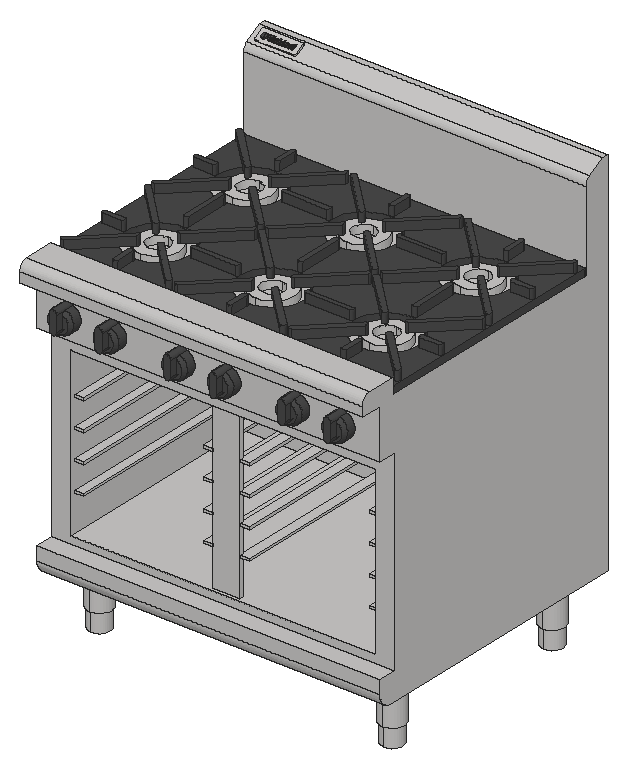
Revit family "QF_MOFFAT WALDORF_RN8600G-CB", category Specialty Equipment, Revit 2012
Parameters
  Weight in Pounds = 396.8316
  URL Cutsheet = "www.moffat.com"
  URL = "www.moffat.com"
  Type Mark [instance] = ""
  Status [instance] = ""
  Specification by User [instance] = ""
  Specification by Manufacturer = ""
  Show Logo [instance] = yes
  Show Casters [instance] = no
  Serial Number = ""
  Seismic Rating = ""
  SMACNA No = ""
  Revision Code [instance] = ""
  Omniclass Number and Title = ""
  NAFEM Spec ID Number = ""
  Model = "RN8600G-CB"
  Mechanical Remarks [instance] = ""
  Mechanical Connection Type [instance] = ""
  Masterspec = ""
  Manufacturer = "MOFFAT WALDORF"
  Legs [instance] = not(Show Casters)  # yes
  Item Number [instance] = ""
  Installed By [instance] = ""
  Identify Quantity as Lot [instance] = yes
  Gas Size = 3/4"
  Gas RI Height [instance] = 0.0 mm
  Gas KW [instance] = 46.6
  Gas Input [instance] = 159233.0 Btu/h
  Gas Connection Height = 0.0 mm
  Furnished By [instance] = ""
  Foodservice Equipment Identifier [instance] = yes
  Description = "COOK TOP GAS ON CABINET BASE"
  CSI MasterFormat = ""
  CSI Master Format = ""
  Body Height [instance] = 915.0 mm
  Base Height [instance] = 150.0 mm
Reference planes
  plane 1 "BACK": y = 0
  plane 2: z = 0
  plane 3 "LEFT": x = 0
  plane 4 "RIGHT": x = 900
  plane 5 "FRONT": y = -805
  plane 6 "TOP": z = 1130
  plane 7 "Center Y": x = 450
  plane 8 "Center X": y = -402.5
  plane 9 "Base Height": z = 150
  plane 10: z = 915
  plane 11: x = 65.8
  plane 12: x = 65
  plane 13: x = 835
Forms (mm)
  Revolve 1, solid, material "QF_Finishes_Black"
    sketch origin (210, 0, 600) x (0, -1, 0) y (0, 0, 1)
      loop
        line (782, 229.605) -> (759, 229.605) -> (759, 202.105) -> (749, 202.105) -> (749, 197.105) -> (793, 197.105) -> (793, 223.757) -> (782, 229.605)
      axis (793, 197.105) -> (749, 197.105)
    angle from 0 to 360
  Extrusion 2, solid, material "QF_Finishes_Black"
    sketch origin (-78.431, 0, 496.003) x (1, 0, 0) y (0, 0, 1)
      loop
        line (298.431, 289) -> (298.431, 327.997)
        arc (298.431, 327.997) -> (288.431, 337.997) -> (278.431, 327.997) r 10
        line (278.431, 327.997) -> (278.431, 289)
        arc (278.431, 289) -> (288.431, 279) -> (298.431, 289) r 10
    from 759 to 808
  Extrusion 3, solid, material "QF_Finishes_Stainless Steel"
    sketch origin (705, 3, 100) x (1, 0, 0) y (0, 1, 0)
      loop
        circle (65, -35) r 13.5
    from 555 to 599.5
  Revolve 4, solid, material "QF_Finishes_Black"
    sketch origin (89.999, 0, 599.873) x (0, 1, 0) y (0, 0, -1)
      loop
        line (-782, -229.5) -> (-759, -229.5) -> (-759, -202) -> (-749, -202) -> (-749, -197) -> (-793, -197) -> (-793, -223.651) -> (-782, -229.5)
      axis (-793, -197) -> (-749, -197)
    angle from 0 to 360
  Extrusion 5, solid, material "QF_Finishes_Black"
    sketch origin (228.269, 0, 600.031) x (-1, 0, 0) y (0, 0, -1)
      loop
        arc (148.269, -184.969) -> (138.269, -174.969) -> (128.269, -184.969) r 10
        line (128.269, -184.969) -> (128.269, -223.969)
        arc (128.269, -223.969) -> (138.269, -233.969) -> (148.269, -223.969) r 10
        line (148.269, -223.969) -> (148.269, -184.969)
    from 759 to 808
  Extrusion 6, solid, material "QF_Finishes_Black"
    sketch origin (0, -70, 875) x (0, -1, 0) y (1, 0, 0)
      loop
        arc (1, 4) -> (1.879, 1.879) -> (4, 1) r 3
        line (4, 1) -> (631, 1)
        arc (631, 1) -> (633.121, 1.879) -> (634, 4) r 3
        line (634, 4) -> (634, 896)
        arc (634, 896) -> (633.121, 898.121) -> (631, 899) r 3
        line (631, 899) -> (4, 899)
        arc (4, 899) -> (1.879, 898.121) -> (1, 896) r 3
        line (1, 896) -> (1, 4)
      loop
        circle (167.5, 150) r 84.082
      loop
        circle (467.5, 150) r 84.082
      loop
        circle (467.5, 750) r 84.082
      loop
        circle (167.5, 750) r 84.082
      loop
        circle (167.5, 450) r 84.082
      loop
        circle (467.5, 450) r 84.082
    from 0 to 19.5
  Extrusion 7, solid, material "QF_Finishes_Black"
    sketch origin (0, -70, 894.5) x (0, -1, 0) y (1, 0, 0)
      loop
        spline (323.602, 15.153) -> (322.681, 13.924) -> (322.131, 12.47) -> (321.99, 10.89) -> (322.267, 9.292) -> (322.943, 7.786) -> (323.973, 6.473) -> (325.286, 5.443) -> (326.792, 4.767) -> (328.39, 4.49) -> (329.97, 4.631) -> (331.424, 5.181) -> (332.653, 6.102)
        line (332.653, 6.102) -> (440.576, 114.025)
        spline (440.576, 114.025) -> (441.337, 115.095) -> (441.738, 116.399) -> (441.751, 117.851) -> (441.375, 119.35) -> (440.637, 120.795) -> (439.586, 122.086) -> (438.295, 123.137) -> (436.85, 123.875) -> (435.351, 124.251) -> (433.899, 124.238) -> (432.595, 123.837) -> (431.525, 123.076)
        line (431.525, 123.076) -> (323.602, 15.153)
      loop
        spline (259.398, 156.4) -> (258.104, 156.182) -> (256.898, 155.543) -> (255.862, 154.525) -> (255.068, 153.2) -> (254.568, 151.656) -> (254.398, 150) -> (254.568, 148.344) -> (255.068, 146.8) -> (255.862, 145.475) -> (256.898, 144.457) -> (258.104, 143.818) -> (259.398, 143.6)
        line (259.398, 143.6) -> (375.602, 143.6)
        spline (375.602, 143.6) -> (376.896, 143.818) -> (378.102, 144.457) -> (379.138, 145.475) -> (379.932, 146.8) -> (380.432, 148.344) -> (380.602, 150) -> (380.432, 151.656) -> (379.932, 153.2) -> (379.138, 154.525) -> (378.102, 155.543) -> (376.896, 156.182) -> (375.602, 156.4)
        line (375.602, 156.4) -> (259.398, 156.4)
      loop
        spline (608.602, 143.6) -> (609.896, 143.818) -> (611.102, 144.457) -> (612.138, 145.475) -> (612.932, 146.8) -> (613.432, 148.344) -> (613.602, 150) -> (613.432, 151.656) -> (612.932, 153.2) -> (612.138, 154.525) -> (611.102, 155.543) -> (609.896, 156.182) -> (608.602, 156.4)
        line (608.602, 156.4) -> (559.398, 156.4)
        spline (559.398, 156.4) -> (558.104, 156.182) -> (556.898, 155.543) -> (555.862, 154.525) -> (555.068, 153.2) -> (554.568, 151.656) -> (554.398, 150) -> (554.568, 148.344) -> (555.068, 146.8) -> (555.862, 145.475) -> (556.898, 144.457) -> (558.104, 143.818) -> (559.398, 143.6)
        line (559.398, 143.6) -> (608.602, 143.6)
      loop
        line (611.398, 15.153) -> (503.475, 123.076)
        spline (503.475, 123.076) -> (502.405, 123.837) -> (501.101, 124.238) -> (499.649, 124.251) -> (498.15, 123.875) -> (496.705, 123.137) -> (495.414, 122.086) -> (494.363, 120.795) -> (493.625, 119.35) -> (493.249, 117.851) -> (493.262, 116.399) -> (493.663, 115.095) -> (494.424, 114.025)
        line (494.424, 114.025) -> (602.347, 6.102)
        spline (602.347, 6.102) -> (603.416, 5.341) -> (604.721, 4.941) -> (606.172, 4.928) -> (607.671, 5.303) -> (609.116, 6.041) -> (610.408, 7.092) -> (611.459, 8.384) -> (612.197, 9.829) -> (612.572, 11.328) -> (612.559, 12.779) -> (612.159, 14.084) -> (611.398, 15.153)
      loop
        line (473.9, 8.898) -> (473.9, 58.102)
        spline (473.9, 58.102) -> (473.682, 59.396) -> (473.043, 60.602) -> (472.025, 61.638) -> (470.7, 62.432) -> (469.156, 62.932) -> (467.5, 63.102) -> (465.844, 62.932) -> (464.3, 62.432) -> (462.975, 61.638) -> (461.957, 60.602) -> (461.318, 59.396) -> (461.1, 58.102)
        line (461.1, 58.102) -> (461.1, 8.898)
        spline (461.1, 8.898) -> (461.318, 7.604) -> (461.957, 6.398) -> (462.975, 5.362) -> (464.3, 4.568) -> (465.844, 4.068) -> (467.5, 3.898) -> (469.156, 4.068) -> (470.7, 4.568) -> (472.025, 5.362) -> (473.043, 6.398) -> (473.682, 7.604) -> (473.9, 8.898)
      loop
        spline (23.602, 15.153) -> (22.681, 13.924) -> (22.131, 12.47) -> (21.99, 10.89) -> (22.267, 9.292) -> (22.943, 7.786) -> (23.973, 6.473) -> (25.286, 5.443) -> (26.792, 4.767) -> (28.39, 4.49) -> (29.97, 4.631) -> (31.424, 5.181) -> (32.653, 6.102)
        line (32.653, 6.102) -> (140.576, 114.025)
        spline (140.576, 114.025) -> (141.337, 115.095) -> (141.738, 116.399) -> (141.751, 117.851) -> (141.375, 119.35) -> (140.637, 120.795) -> (139.586, 122.086) -> (138.295, 123.137) -> (136.85, 123.875) -> (135.351, 124.251) -> (133.899, 124.238) -> (132.595, 123.837) -> (131.525, 123.076)
        line (131.525, 123.076) -> (23.602, 15.153)
      loop
        spline (26.398, 156.4) -> (25.104, 156.182) -> (23.898, 155.543) -> (22.862, 154.525) -> (22.068, 153.2) -> (21.568, 151.656) -> (21.398, 150) -> (21.568, 148.344) -> (22.068, 146.8) -> (22.862, 145.475) -> (23.898, 144.457) -> (25.104, 143.818) -> (26.398, 143.6)
        line (26.398, 143.6) -> (75.602, 143.6)
        spline (75.602, 143.6) -> (76.896, 143.818) -> (78.102, 144.457) -> (79.138, 145.475) -> (79.932, 146.8) -> (80.432, 148.344) -> (80.602, 150) -> (80.432, 151.656) -> (79.932, 153.2) -> (79.138, 154.525) -> (78.102, 155.543) -> (76.896, 156.182) -> (75.602, 156.4)
        line (75.602, 156.4) -> (26.398, 156.4)
      loop
        line (311.398, 15.153) -> (203.475, 123.076)
        spline (203.475, 123.076) -> (202.405, 123.837) -> (201.101, 124.238) -> (199.649, 124.251) -> (198.15, 123.875) -> (196.705, 123.137) -> (195.414, 122.086) -> (194.363, 120.795) -> (193.625, 119.35) -> (193.249, 117.851) -> (193.262, 116.399) -> (193.663, 115.095) -> (194.424, 114.025)
        line (194.424, 114.025) -> (302.347, 6.102)
        spline (302.347, 6.102) -> (303.416, 5.341) -> (304.721, 4.941) -> (306.172, 4.928) -> (307.671, 5.303) -> (309.116, 6.041) -> (310.408, 7.092) -> (311.459, 8.384) -> (312.197, 9.829) -> (312.572, 11.328) -> (312.559, 12.779) -> (312.159, 14.084) -> (311.398, 15.153)
      loop
        line (173.9, 8.898) -> (173.9, 58.102)
        spline (173.9, 58.102) -> (173.682, 59.396) -> (173.043, 60.602) -> (172.025, 61.638) -> (170.7, 62.432) -> (169.156, 62.932) -> (167.5, 63.102) -> (165.844, 62.932) -> (164.3, 62.432) -> (162.975, 61.638) -> (161.957, 60.602) -> (161.318, 59.396) -> (161.1, 58.102)
        line (161.1, 58.102) -> (161.1, 8.898)
        spline (161.1, 8.898) -> (161.318, 7.604) -> (161.957, 6.398) -> (162.975, 5.362) -> (164.3, 4.568) -> (165.844, 4.068) -> (167.5, 3.898) -> (169.156, 4.068) -> (170.7, 4.568) -> (172.025, 5.362) -> (173.043, 6.398) -> (173.682, 7.604) -> (173.9, 8.898)
      loop
        line (323.602, 284.847) -> (431.525, 176.924)
        spline (431.525, 176.924) -> (432.595, 176.163) -> (433.899, 175.762) -> (435.351, 175.749) -> (436.85, 176.125) -> (438.295, 176.863) -> (439.586, 177.914) -> (440.637, 179.205) -> (441.375, 180.65) -> (441.751, 182.149) -> (441.738, 183.601) -> (441.337, 184.905) -> (440.576, 185.975)
        line (440.576, 185.975) -> (332.653, 293.898)
        spline (332.653, 293.898) -> (331.424, 294.819) -> (329.97, 295.369) -> (328.39, 295.51) -> (326.792, 295.233) -> (325.286, 294.557) -> (323.973, 293.527) -> (322.943, 292.214) -> (322.267, 290.708) -> (321.99, 289.11) -> (322.131, 287.53) -> (322.681, 286.076) -> (323.602, 284.847)
      loop
        spline (611.398, 284.847) -> (612.159, 285.916) -> (612.559, 287.221) -> (612.572, 288.672) -> (612.197, 290.171) -> (611.459, 291.616) -> (610.408, 292.908) -> (609.116, 293.959) -> (607.671, 294.697) -> (606.172, 295.072) -> (604.721, 295.059) -> (603.416, 294.659) -> (602.347, 293.898)
        line (602.347, 293.898) -> (494.424, 185.975)
        spline (494.424, 185.975) -> (493.663, 184.905) -> (493.262, 183.601) -> (493.249, 182.149) -> (493.625, 180.65) -> (494.363, 179.205) -> (495.414, 177.914) -> (496.705, 176.863) -> (498.15, 176.125) -> (499.649, 175.749) -> (501.101, 175.762) -> (502.405, 176.163) -> (503.475, 176.924)
        line (503.475, 176.924) -> (611.398, 284.847)
      loop
        spline (461.1, 241.898) -> (461.318, 240.604) -> (461.957, 239.398) -> (462.975, 238.362) -> (464.3, 237.568) -> (465.844, 237.068) -> (467.5, 236.898) -> (469.156, 237.068) -> (470.7, 237.568) -> (472.025, 238.362) -> (473.043, 239.398) -> (473.682, 240.604) -> (473.9, 241.898)
        line (473.9, 241.898) -> (473.9, 358.102)
        spline (473.9, 358.102) -> (473.682, 359.396) -> (473.043, 360.602) -> (472.025, 361.638) -> (470.7, 362.432) -> (469.156, 362.932) -> (467.5, 363.102) -> (465.844, 362.932) -> (464.3, 362.432) -> (462.975, 361.638) -> (461.957, 360.602) -> (461.318, 359.396) -> (461.1, 358.102)
        line (461.1, 358.102) -> (461.1, 241.898)
      loop
        line (23.602, 284.847) -> (131.525, 176.924)
        spline (131.525, 176.924) -> (132.595, 176.163) -> (133.899, 175.762) -> (135.351, 175.749) -> (136.85, 176.125) -> (138.295, 176.863) -> (139.586, 177.914) -> (140.637, 179.205) -> (141.375, 180.65) -> (141.751, 182.149) -> (141.738, 183.601) -> (141.337, 184.905) -> (140.576, 185.975)
        line (140.576, 185.975) -> (32.653, 293.898)
        spline (32.653, 293.898) -> (31.424, 294.819) -> (29.97, 295.369) -> (28.39, 295.51) -> (26.792, 295.233) -> (25.286, 294.557) -> (23.973, 293.527) -> (22.943, 292.214) -> (22.267, 290.708) -> (21.99, 289.11) -> (22.131, 287.53) -> (22.681, 286.076) -> (23.602, 284.847)
      loop
        spline (311.398, 284.847) -> (312.159, 285.916) -> (312.559, 287.221) -> (312.572, 288.672) -> (312.197, 290.171) -> (311.459, 291.616) -> (310.408, 292.908) -> (309.116, 293.959) -> (307.671, 294.697) -> (306.172, 295.072) -> (304.721, 295.059) -> (303.416, 294.659) -> (302.347, 293.898)
        line (302.347, 293.898) -> (194.424, 185.975)
        spline (194.424, 185.975) -> (193.663, 184.905) -> (193.262, 183.601) -> (193.249, 182.149) -> (193.625, 180.65) -> (194.363, 179.205) -> (195.414, 177.914) -> (196.705, 176.863) -> (198.15, 176.125) -> (199.649, 175.749) -> (201.101, 175.762) -> (202.405, 176.163) -> (203.475, 176.924)
        line (203.475, 176.924) -> (311.398, 284.847)
      loop
        spline (173.9, 358.102) -> (173.682, 359.396) -> (173.043, 360.602) -> (172.025, 361.638) -> (170.7, 362.432) -> (169.156, 362.932) -> (167.5, 363.102) -> (165.844, 362.932) -> (164.3, 362.432) -> (162.975, 361.638) -> (161.957, 360.602) -> (161.318, 359.396) -> (161.1, 358.102)
        line (161.1, 358.102) -> (161.1, 241.898)
        spline (161.1, 241.898) -> (161.318, 240.604) -> (161.957, 239.398) -> (162.975, 238.362) -> (164.3, 237.568) -> (165.844, 237.068) -> (167.5, 236.898) -> (169.156, 237.068) -> (170.7, 237.568) -> (172.025, 238.362) -> (173.043, 239.398) -> (173.682, 240.604) -> (173.9, 241.898)
        line (173.9, 241.898) -> (173.9, 358.102)
      loop
        spline (323.602, 315.153) -> (322.681, 313.924) -> (322.131, 312.47) -> (321.99, 310.89) -> (322.267, 309.292) -> (322.943, 307.786) -> (323.973, 306.473) -> (325.286, 305.443) -> (326.792, 304.767) -> (328.39, 304.49) -> (329.97, 304.631) -> (331.424, 305.181) -> (332.653, 306.102)
        line (332.653, 306.102) -> (440.576, 414.025)
        spline (440.576, 414.025) -> (441.337, 415.095) -> (441.738, 416.399) -> (441.751, 417.851) -> (441.375, 419.35) -> (440.637, 420.795) -> (439.586, 422.086) -> (438.295, 423.137) -> (436.85, 423.875) -> (435.351, 424.251) -> (433.899, 424.238) -> (432.595, 423.837) -> (431.525, 423.076)
        line (431.525, 423.076) -> (323.602, 315.153)
      loop
        spline (259.398, 456.4) -> (258.104, 456.182) -> (256.898, 455.543) -> (255.862, 454.525) -> (255.068, 453.2) -> (254.568, 451.656) -> (254.398, 450) -> (254.568, 448.344) -> (255.068, 446.8) -> (255.862, 445.475) -> (256.898, 444.457) -> (258.104, 443.818) -> (259.398, 443.6)
        line (259.398, 443.6) -> (375.602, 443.6)
        spline (375.602, 443.6) -> (376.896, 443.818) -> (378.102, 444.457) -> (379.138, 445.475) -> (379.932, 446.8) -> (380.432, 448.344) -> (380.602, 450) -> (380.432, 451.656) -> (379.932, 453.2) -> (379.138, 454.525) -> (378.102, 455.543) -> (376.896, 456.182) -> (375.602, 456.4)
        line (375.602, 456.4) -> (259.398, 456.4)
      loop
        spline (608.602, 443.6) -> (609.896, 443.818) -> (611.102, 444.457) -> (612.138, 445.475) -> (612.932, 446.8) -> (613.432, 448.344) -> (613.602, 450) -> (613.432, 451.656) -> (612.932, 453.2) -> (612.138, 454.525) -> (611.102, 455.543) -> (609.896, 456.182) -> (608.602, 456.4)
        line (608.602, 456.4) -> (559.398, 456.4)
        spline (559.398, 456.4) -> (558.104, 456.182) -> (556.898, 455.543) -> (555.862, 454.525) -> (555.068, 453.2) -> (554.568, 451.656) -> (554.398, 450) -> (554.568, 448.344) -> (555.068, 446.8) -> (555.862, 445.475) -> (556.898, 444.457) -> (558.104, 443.818) -> (559.398, 443.6)
        line (559.398, 443.6) -> (608.602, 443.6)
      loop
        line (611.398, 315.153) -> (503.475, 423.076)
        spline (503.475, 423.076) -> (502.405, 423.837) -> (501.101, 424.238) -> (499.649, 424.251) -> (498.15, 423.875) -> (496.705, 423.137) -> (495.414, 422.086) -> (494.363, 420.795) -> (493.625, 419.35) -> (493.249, 417.851) -> (493.262, 416.399) -> (493.663, 415.095) -> (494.424, 414.025)
        line (494.424, 414.025) -> (602.347, 306.102)
        spline (602.347, 306.102) -> (603.416, 305.341) -> (604.721, 304.941) -> (606.172, 304.928) -> (607.671, 305.303) -> (609.116, 306.041) -> (610.408, 307.092) -> (611.459, 308.384) -> (612.197, 309.829) -> (612.572, 311.328) -> (612.559, 312.779) -> (612.159, 314.084) -> (611.398, 315.153)
      loop
        spline (23.602, 315.153) -> (22.681, 313.924) -> (22.131, 312.47) -> (21.99, 310.89) -> (22.267, 309.292) -> (22.943, 307.786) -> (23.973, 306.473) -> (25.286, 305.443) -> (26.792, 304.767) -> (28.39, 304.49) -> (29.97, 304.631) -> (31.424, 305.181) -> (32.653, 306.102)
        line (32.653, 306.102) -> (140.576, 414.025)
        spline (140.576, 414.025) -> (141.337, 415.095) -> (141.738, 416.399) -> (141.751, 417.851) -> (141.375, 419.35) -> (140.637, 420.795) -> (139.586, 422.086) -> (138.295, 423.137) -> (136.85, 423.875) -> (135.351, 424.251) -> (133.899, 424.238) -> (132.595, 423.837) -> (131.525, 423.076)
        line (131.525, 423.076) -> (23.602, 315.153)
      loop
        spline (26.398, 456.4) -> (25.104, 456.182) -> (23.898, 455.543) -> (22.862, 454.525) -> (22.068, 453.2) -> (21.568, 451.656) -> (21.398, 450) -> (21.568, 448.344) -> (22.068, 446.8) -> (22.862, 445.475) -> (23.898, 444.457) -> (25.104, 443.818) -> (26.398, 443.6)
        line (26.398, 443.6) -> (75.602, 443.6)
        spline (75.602, 443.6) -> (76.896, 443.818) -> (78.102, 444.457) -> (79.138, 445.475) -> (79.932, 446.8) -> (80.432, 448.344) -> (80.602, 450) -> (80.432, 451.656) -> (79.932, 453.2) -> (79.138, 454.525) -> (78.102, 455.543) -> (76.896, 456.182) -> (75.602, 456.4)
        line (75.602, 456.4) -> (26.398, 456.4)
      loop
        line (311.398, 315.153) -> (203.475, 423.076)
        spline (203.475, 423.076) -> (202.405, 423.837) -> (201.101, 424.238) -> (199.649, 424.251) -> (198.15, 423.875) -> (196.705, 423.137) -> (195.414, 422.086) -> (194.363, 420.795) -> (193.625, 419.35) -> (193.249, 417.851) -> (193.262, 416.399) -> (193.663, 415.095) -> (194.424, 414.025)
        line (194.424, 414.025) -> (302.347, 306.102)
        spline (302.347, 306.102) -> (303.416, 305.341) -> (304.721, 304.941) -> (306.172, 304.928) -> (307.671, 305.303) -> (309.116, 306.041) -> (310.408, 307.092) -> (311.459, 308.384) -> (312.197, 309.829) -> (312.572, 311.328) -> (312.559, 312.779) -> (312.159, 314.084) -> (311.398, 315.153)
      loop
        line (323.602, 584.847) -> (431.525, 476.924)
        spline (431.525, 476.924) -> (432.595, 476.163) -> (433.899, 475.762) -> (435.351, 475.749) -> (436.85, 476.125) -> (438.295, 476.863) -> (439.586, 477.914) -> (440.637, 479.205) -> (441.375, 480.65) -> (441.751, 482.149) -> (441.738, 483.601) -> (441.337, 484.905) -> (440.576, 485.975)
        line (440.576, 485.975) -> (332.653, 593.898)
        spline (332.653, 593.898) -> (331.424, 594.819) -> (329.97, 595.369) -> (328.39, 595.51) -> (326.792, 595.233) -> (325.286, 594.557) -> (323.973, 593.527) -> (322.943, 592.214) -> (322.267, 590.708) -> (321.99, 589.11) -> (322.131, 587.53) -> (322.681, 586.076) -> (323.602, 584.847)
      loop
        spline (611.398, 584.847) -> (612.159, 585.916) -> (612.559, 587.221) -> (612.572, 588.672) -> (612.197, 590.171) -> (611.459, 591.616) -> (610.408, 592.908) -> (609.116, 593.959) -> (607.671, 594.697) -> (606.172, 595.072) -> (604.721, 595.059) -> (603.416, 594.659) -> (602.347, 593.898)
        line (602.347, 593.898) -> (494.424, 485.975)
        spline (494.424, 485.975) -> (493.663, 484.905) -> (493.262, 483.601) -> (493.249, 482.149) -> (493.625, 480.65) -> (494.363, 479.205) -> (495.414, 477.914) -> (496.705, 476.863) -> (498.15, 476.125) -> (499.649, 475.749) -> (501.101, 475.762) -> (502.405, 476.163) -> (503.475, 476.924)
        line (503.475, 476.924) -> (611.398, 584.847)
      loop
        spline (473.9, 658.102) -> (473.682, 659.396) -> (473.043, 660.602) -> (472.025, 661.638) -> (470.7, 662.432) -> (469.156, 662.932) -> (467.5, 663.102) -> (465.844, 662.932) -> (464.3, 662.432) -> (462.975, 661.638) -> (461.957, 660.602) -> (461.318, 659.396) -> (461.1, 658.102)
        line (461.1, 658.102) -> (461.1, 541.898)
        spline (461.1, 541.898) -> (461.318, 540.604) -> (461.957, 539.398) -> (462.975, 538.362) -> (464.3, 537.568) -> (465.844, 537.068) -> (467.5, 536.898) -> (469.156, 537.068) -> (470.7, 537.568) -> (472.025, 538.362) -> (473.043, 539.398) -> (473.682, 540.604) -> (473.9, 541.898)
        line (473.9, 541.898) -> (473.9, 658.102)
      loop
        line (23.602, 584.847) -> (131.525, 476.924)
        spline (131.525, 476.924) -> (132.595, 476.163) -> (133.899, 475.762) -> (135.351, 475.749) -> (136.85, 476.125) -> (138.295, 476.863) -> (139.586, 477.914) -> (140.637, 479.205) -> (141.375, 480.65) -> (141.751, 482.149) -> (141.738, 483.601) -> (141.337, 484.905) -> (140.576, 485.975)
        line (140.576, 485.975) -> (32.653, 593.898)
        spline (32.653, 593.898) -> (31.424, 594.819) -> (29.97, 595.369) -> (28.39, 595.51) -> (26.792, 595.233) -> (25.286, 594.557) -> (23.973, 593.527) -> (22.943, 592.214) -> (22.267, 590.708) -> (21.99, 589.11) -> (22.131, 587.53) -> (22.681, 586.076) -> (23.602, 584.847)
      loop
        spline (311.398, 584.847) -> (312.159, 585.916) -> (312.559, 587.221) -> (312.572, 588.672) -> (312.197, 590.171) -> (311.459, 591.616) -> (310.408, 592.908) -> (309.116, 593.959) -> (307.671, 594.697) -> (306.172, 595.072) -> (304.721, 595.059) -> (303.416, 594.659) -> (302.347, 593.898)
        line (302.347, 593.898) -> (194.424, 485.975)
        spline (194.424, 485.975) -> (193.663, 484.905) -> (193.262, 483.601) -> (193.249, 482.149) -> (193.625, 480.65) -> (194.363, 479.205) -> (195.414, 477.914) -> (196.705, 476.863) -> (198.15, 476.125) -> (199.649, 475.749) -> (201.101, 475.762) -> (202.405, 476.163) -> (203.475, 476.924)
        line (203.475, 476.924) -> (311.398, 584.847)
      loop
        spline (173.9, 658.102) -> (173.682, 659.396) -> (173.043, 660.602) -> (172.025, 661.638) -> (170.7, 662.432) -> (169.156, 662.932) -> (167.5, 663.102) -> (165.844, 662.932) -> (164.3, 662.432) -> (162.975, 661.638) -> (161.957, 660.602) -> (161.318, 659.396) -> (161.1, 658.102)
        line (161.1, 658.102) -> (161.1, 541.898)
        spline (161.1, 541.898) -> (161.318, 540.604) -> (161.957, 539.398) -> (162.975, 538.362) -> (164.3, 537.568) -> (165.844, 537.068) -> (167.5, 536.898) -> (169.156, 537.068) -> (170.7, 537.568) -> (172.025, 538.362) -> (173.043, 539.398) -> (173.682, 540.604) -> (173.9, 541.898)
        line (173.9, 541.898) -> (173.9, 658.102)
      loop
        spline (323.602, 615.153) -> (322.681, 613.924) -> (322.131, 612.47) -> (321.99, 610.89) -> (322.267, 609.292) -> (322.943, 607.786) -> (323.973, 606.473) -> (325.286, 605.443) -> (326.792, 604.767) -> (328.39, 604.49) -> (329.97, 604.631) -> (331.424, 605.181) -> (332.653, 606.102)
        line (332.653, 606.102) -> (440.576, 714.025)
        spline (440.576, 714.025) -> (441.337, 715.095) -> (441.738, 716.399) -> (441.751, 717.851) -> (441.375, 719.35) -> (440.637, 720.795) -> (439.586, 722.086) -> (438.295, 723.137) -> (436.85, 723.875) -> (435.351, 724.251) -> (433.899, 724.238) -> (432.595, 723.837) -> (431.525, 723.076)
        line (431.525, 723.076) -> (323.602, 615.153)
      loop
        spline (259.398, 756.4) -> (258.104, 756.182) -> (256.898, 755.543) -> (255.862, 754.525) -> (255.068, 753.2) -> (254.568, 751.656) -> (254.398, 750) -> (254.568, 748.344) -> (255.068, 746.8) -> (255.862, 745.475) -> (256.898, 744.457) -> (258.104, 743.818) -> (259.398, 743.6)
        line (259.398, 743.6) -> (375.602, 743.6)
        spline (375.602, 743.6) -> (376.896, 743.818) -> (378.102, 744.457) -> (379.138, 745.475) -> (379.932, 746.8) -> (380.432, 748.344) -> (380.602, 750) -> (380.432, 751.656) -> (379.932, 753.2) -> (379.138, 754.525) -> (378.102, 755.543) -> (376.896, 756.182) -> (375.602, 756.4)
        line (375.602, 756.4) -> (259.398, 756.4)
      loop
        spline (608.602, 743.6) -> (609.896, 743.818) -> (611.102, 744.457) -> (612.138, 745.475) -> (612.932, 746.8) -> (613.432, 748.344) -> (613.602, 750) -> (613.432, 751.656) -> (612.932, 753.2) -> (612.138, 754.525) -> (611.102, 755.543) -> (609.896, 756.182) -> (608.602, 756.4)
        line (608.602, 756.4) -> (559.398, 756.4)
        spline (559.398, 756.4) -> (558.104, 756.182) -> (556.898, 755.543) -> (555.862, 754.525) -> (555.068, 753.2) -> (554.568, 751.656) -> (554.398, 750) -> (554.568, 748.344) -> (555.068, 746.8) -> (555.862, 745.475) -> (556.898, 744.457) -> (558.104, 743.818) -> (559.398, 743.6)
        line (559.398, 743.6) -> (608.602, 743.6)
      loop
        line (611.398, 615.153) -> (503.475, 723.076)
        spline (503.475, 723.076) -> (502.405, 723.837) -> (501.101, 724.238) -> (499.649, 724.251) -> (498.15, 723.875) -> (496.705, 723.137) -> (495.414, 722.086) -> (494.363, 720.795) -> (493.625, 719.35) -> (493.249, 717.851) -> (493.262, 716.399) -> (493.663, 715.095) -> (494.424, 714.025)
        line (494.424, 714.025) -> (602.347, 606.102)
        spline (602.347, 606.102) -> (603.416, 605.341) -> (604.721, 604.941) -> (606.172, 604.928) -> (607.671, 605.303) -> (609.116, 606.041) -> (610.408, 607.092) -> (611.459, 608.384) -> (612.197, 609.829) -> (612.572, 611.328) -> (612.559, 612.779) -> (612.159, 614.084) -> (611.398, 615.153)
      loop
        spline (23.602, 615.153) -> (22.681, 613.924) -> (22.131, 612.47) -> (21.99, 610.89) -> (22.267, 609.292) -> (22.943, 607.786) -> (23.973, 606.473) -> (25.286, 605.443) -> (26.792, 604.767) -> (28.39, 604.49) -> (29.97, 604.631) -> (31.424, 605.181) -> (32.653, 606.102)
        line (32.653, 606.102) -> (140.576, 714.025)
        spline (140.576, 714.025) -> (141.337, 715.095) -> (141.738, 716.399) -> (141.751, 717.851) -> (141.375, 719.35) -> (140.637, 720.795) -> (139.586, 722.086) -> (138.295, 723.137) -> (136.85, 723.875) -> (135.351, 724.251) -> (133.899, 724.238) -> (132.595, 723.837) -> (131.525, 723.076)
        line (131.525, 723.076) -> (23.602, 615.153)
      loop
        spline (26.398, 756.4) -> (25.104, 756.182) -> (23.898, 755.543) -> (22.862, 754.525) -> (22.068, 753.2) -> (21.568, 751.656) -> (21.398, 750) -> (21.568, 748.344) -> (22.068, 746.8) -> (22.862, 745.475) -> (23.898, 744.457) -> (25.104, 743.818) -> (26.398, 743.6)
        line (26.398, 743.6) -> (75.602, 743.6)
        spline (75.602, 743.6) -> (76.896, 743.818) -> (78.102, 744.457) -> (79.138, 745.475) -> (79.932, 746.8) -> (80.432, 748.344) -> (80.602, 750) -> (80.432, 751.656) -> (79.932, 753.2) -> (79.138, 754.525) -> (78.102, 755.543) -> (76.896, 756.182) -> (75.602, 756.4)
        line (75.602, 756.4) -> (26.398, 756.4)
      loop
        line (311.398, 615.153) -> (203.475, 723.076)
        spline (203.475, 723.076) -> (202.405, 723.837) -> (201.101, 724.238) -> (199.649, 724.251) -> (198.15, 723.875) -> (196.705, 723.137) -> (195.414, 722.086) -> (194.363, 720.795) -> (193.625, 719.35) -> (193.249, 717.851) -> (193.262, 716.399) -> (193.663, 715.095) -> (194.424, 714.025)
        line (194.424, 714.025) -> (302.347, 606.102)
        spline (302.347, 606.102) -> (303.416, 605.341) -> (304.721, 604.941) -> (306.172, 604.928) -> (307.671, 605.303) -> (309.116, 606.041) -> (310.408, 607.092) -> (311.459, 608.384) -> (312.197, 609.829) -> (312.572, 611.328) -> (312.559, 612.779) -> (312.159, 614.084) -> (311.398, 615.153)
      loop
        line (323.602, 884.847) -> (431.525, 776.924)
        spline (431.525, 776.924) -> (432.595, 776.163) -> (433.899, 775.762) -> (435.351, 775.749) -> (436.85, 776.125) -> (438.295, 776.863) -> (439.586, 777.914) -> (440.637, 779.205) -> (441.375, 780.65) -> (441.751, 782.149) -> (441.738, 783.601) -> (441.337, 784.905) -> (440.576, 785.975)
        line (440.576, 785.975) -> (332.653, 893.898)
        spline (332.653, 893.898) -> (331.424, 894.819) -> (329.97, 895.369) -> (328.39, 895.51) -> (326.792, 895.233) -> (325.286, 894.557) -> (323.973, 893.527) -> (322.943, 892.214) -> (322.267, 890.708) -> (321.99, 889.11) -> (322.131, 887.53) -> (322.681, 886.076) -> (323.602, 884.847)
      loop
        spline (611.398, 884.847) -> (612.159, 885.916) -> (612.559, 887.221) -> (612.572, 888.672) -> (612.197, 890.171) -> (611.459, 891.616) -> (610.408, 892.908) -> (609.116, 893.959) -> (607.671, 894.697) -> (606.172, 895.072) -> (604.721, 895.059) -> (603.416, 894.659) -> (602.347, 893.898)
        line (602.347, 893.898) -> (494.424, 785.975)
        spline (494.424, 785.975) -> (493.663, 784.905) -> (493.262, 783.601) -> (493.249, 782.149) -> (493.625, 780.65) -> (494.363, 779.205) -> (495.414, 777.914) -> (496.705, 776.863) -> (498.15, 776.125) -> (499.649, 775.749) -> (501.101, 775.762) -> (502.405, 776.163) -> (503.475, 776.924)
        line (503.475, 776.924) -> (611.398, 884.847)
      loop
        spline (473.9, 891.102) -> (473.682, 892.396) -> (473.043, 893.602) -> (472.025, 894.638) -> (470.7, 895.432) -> (469.156, 895.932) -> (467.5, 896.102) -> (465.844, 895.932) -> (464.3, 895.432) -> (462.975, 894.638) -> (461.957, 893.602) -> (461.318, 892.396) -> (461.1, 891.102)
        line (461.1, 891.102) -> (461.1, 841.898)
        spline (461.1, 841.898) -> (461.318, 840.604) -> (461.957, 839.398) -> (462.975, 838.362) -> (464.3, 837.568) -> (465.844, 837.068) -> (467.5, 836.898) -> (469.156, 837.068) -> (470.7, 837.568) -> (472.025, 838.362) -> (473.043, 839.398) -> (473.682, 840.604) -> (473.9, 841.898)
        line (473.9, 841.898) -> (473.9, 891.102)
      loop
        line (23.602, 884.847) -> (131.525, 776.924)
        spline (131.525, 776.924) -> (132.595, 776.163) -> (133.899, 775.762) -> (135.351, 775.749) -> (136.85, 776.125) -> (138.295, 776.863) -> (139.586, 777.914) -> (140.637, 779.205) -> (141.375, 780.65) -> (141.751, 782.149) -> (141.738, 783.601) -> (141.337, 784.905) -> (140.576, 785.975)
        line (140.576, 785.975) -> (32.653, 893.898)
        spline (32.653, 893.898) -> (31.424, 894.819) -> (29.97, 895.369) -> (28.39, 895.51) -> (26.792, 895.233) -> (25.286, 894.557) -> (23.973, 893.527) -> (22.943, 892.214) -> (22.267, 890.708) -> (21.99, 889.11) -> (22.131, 887.53) -> (22.681, 886.076) -> (23.602, 884.847)
      loop
        spline (311.398, 884.847) -> (312.159, 885.916) -> (312.559, 887.221) -> (312.572, 888.672) -> (312.197, 890.171) -> (311.459, 891.616) -> (310.408, 892.908) -> (309.116, 893.959) -> (307.671, 894.697) -> (306.172, 895.072) -> (304.721, 895.059) -> (303.416, 894.659) -> (302.347, 893.898)
        line (302.347, 893.898) -> (194.424, 785.975)
        spline (194.424, 785.975) -> (193.663, 784.905) -> (193.262, 783.601) -> (193.249, 782.149) -> (193.625, 780.65) -> (194.363, 779.205) -> (195.414, 777.914) -> (196.705, 776.863) -> (198.15, 776.125) -> (199.649, 775.749) -> (201.101, 775.762) -> (202.405, 776.163) -> (203.475, 776.924)
        line (203.475, 776.924) -> (311.398, 884.847)
      loop
        spline (173.9, 891.102) -> (173.682, 892.396) -> (173.043, 893.602) -> (172.025, 894.638) -> (170.7, 895.432) -> (169.156, 895.932) -> (167.5, 896.102) -> (165.844, 895.932) -> (164.3, 895.432) -> (162.975, 894.638) -> (161.957, 893.602) -> (161.318, 892.396) -> (161.1, 891.102)
        line (161.1, 891.102) -> (161.1, 841.898)
        spline (161.1, 841.898) -> (161.318, 840.604) -> (161.957, 839.398) -> (162.975, 838.362) -> (164.3, 837.568) -> (165.844, 837.068) -> (167.5, 836.898) -> (169.156, 837.068) -> (170.7, 837.568) -> (172.025, 838.362) -> (173.043, 839.398) -> (173.682, 840.604) -> (173.9, 841.898)
        line (173.9, 841.898) -> (173.9, 891.102)
    from 0 to 23.5
  Revolve 8, solid, material "QF_Finishes_Black"
    sketch origin (510, 0, 600) x (0, -1, 0) y (0, 0, 1)
      loop
        line (782, 229.605) -> (759, 229.605) -> (759, 202.105) -> (749, 202.105) -> (749, 197.105) -> (793, 197.105) -> (793, 223.757) -> (782, 229.605)
      axis (793, 197.105) -> (749, 197.105)
    angle from 0 to 360
  Extrusion 9, solid, material "QF_Finishes_Black"
    sketch origin (371.569, 0, 496.003) x (1, 0, 0) y (0, 0, 1)
      loop
        line (148.431, 289) -> (148.431, 327.997)
        arc (148.431, 327.997) -> (138.431, 337.997) -> (128.431, 327.997) r 10
        line (128.431, 327.997) -> (128.431, 289)
        arc (128.431, 289) -> (138.431, 279) -> (148.431, 289) r 10
    from 759 to 808
  Revolve 10, solid, material "QF_Finishes_Black"
    sketch origin (389.999, 0, 599.873) x (0, 1, 0) y (0, 0, -1)
      loop
        line (-782, -229.5) -> (-759, -229.5) -> (-759, -202) -> (-749, -202) -> (-749, -197) -> (-793, -197) -> (-793, -223.651) -> (-782, -229.5)
      axis (-793, -197) -> (-749, -197)
    angle from 0 to 360
  Extrusion 11, solid, material "QF_Finishes_Black"
    sketch origin (378.269, 0, 600.031) x (-1, 0, 0) y (0, 0, -1)
      loop
        arc (-1.731, -184.969) -> (-11.731, -174.969) -> (-21.731, -184.969) r 10
        line (-21.731, -184.969) -> (-21.731, -223.969)
        arc (-21.731, -223.969) -> (-11.731, -233.969) -> (-1.731, -223.969) r 10
        line (-1.731, -223.969) -> (-1.731, -184.969)
    from 759 to 808
  Revolve 12, solid, material "QF_Finishes_Black"
    sketch origin (810, 0, 600) x (0, -1, 0) y (0, 0, 1)
      loop
        line (782, 229.605) -> (759, 229.605) -> (759, 202.105) -> (749, 202.105) -> (749, 197.105) -> (793, 197.105) -> (793, 223.757) -> (782, 229.605)
      axis (793, 197.105) -> (749, 197.105)
    angle from 0 to 360
  Extrusion 13, solid, material "QF_Finishes_Black"
    sketch origin (671.569, 0, 496.003) x (1, 0, 0) y (0, 0, 1)
      loop
        line (148.431, 289) -> (148.431, 327.997)
        arc (148.431, 327.997) -> (138.431, 337.997) -> (128.431, 327.997) r 10
        line (128.431, 327.997) -> (128.431, 289)
        arc (128.431, 289) -> (138.431, 279) -> (148.431, 289) r 10
    from 759 to 808
  Revolve 14, solid, material "QF_Finishes_Black"
    sketch origin (689.999, 0, 599.873) x (0, 1, 0) y (0, 0, -1)
      loop
        line (-782, -229.5) -> (-759, -229.5) -> (-759, -202) -> (-749, -202) -> (-749, -197) -> (-793, -197) -> (-793, -223.651) -> (-782, -229.5)
      axis (-793, -197) -> (-749, -197)
    angle from 0 to 360
  Extrusion 15, solid, material "QF_Finishes_Black"
    sketch origin (678.269, 0, 600.031) x (-1, 0, 0) y (0, 0, -1)
      loop
        arc (-1.731, -184.969) -> (-11.731, -174.969) -> (-21.731, -184.969) r 10
        line (-21.731, -184.969) -> (-21.731, -223.969)
        arc (-21.731, -223.969) -> (-11.731, -233.969) -> (-1.731, -223.969) r 10
        line (-1.731, -223.969) -> (-1.731, -184.969)
    from 759 to 808
  Revolve 16, solid, material "QF_Finishes_Stainless Steel", visible <- "Legs"
    sketch origin (65, -165, 0) x (0, 1, 0) y (0, 0, 1)
      loop
        line (33.25, 150) -> (33.25, 50) -> (37.5, 50) -> (37.5, 0) -> (65, 0) -> (65, 150) -> (33.25, 150)
      axis (65, 150) -> (65, 0)
    angle from 0 to 360
  Revolve 17, solid, material "QF_Finishes_Stainless Steel"
    sketch origin (65, -735, 0) x (0, 1, 0) y (0, 0, 1)
      loop
        line (78.25, 150) -> (78.25, 50) -> (82.5, 50) -> (82.5, 0) -> (110, 0) -> (110, 150) -> (78.25, 150)
      axis (110, 150) -> (110, 0)
    angle from 0 to 360
  Revolve 18, solid, material "QF_Finishes_Stainless Steel", visible <- "Legs"
    sketch origin (835, -165, 0) x (0, 1, 0) y (0, 0, -1)
      loop
        line (33.25, -150) -> (65, -150) -> (65, 0) -> (37.5, 0) -> (37.5, -50) -> (33.25, -50) -> (33.25, -150)
      axis (65, -150) -> (65, 0)
    angle from 0 to 360
  Revolve 19, solid, material "QF_Finishes_Stainless Steel"
    sketch origin (835, -735, 0) x (0, 1, 0) y (0, 0, -1)
      loop
        line (78.25, -150) -> (110, -150) -> (110, 0) -> (82.5, 0) -> (82.5, -50) -> (78.25, -50) -> (78.25, -150)
      axis (110, -150) -> (110, 0)
    angle from 0 to 360
  Extrusion 20, solid, material "QF_Finishes_Stainless Steel"
    sketch origin (0, 0, 0) x (1, 0, 0) y (0, 0, 1)
      loop
        line (0, 735) -> (0, 222.5) -> (900, 222.5) -> (900, 735) -> (0, 735)
      loop
        line (50, 680) -> (50, 242.5) -> (850, 242.5) -> (850, 680) -> (50, 680)
    from 135.698 to 699
  Extrusion 21, solid, material "QF_Finishes_Stainless Steel"
    sketch origin (0, -135.698, 875) x (0, 0, -1) y (1, 0, 0)
      loop
        line (195, 485.5) -> (195, 414.5) -> (632.5, 414.5) -> (632.5, 485.5) -> (195, 485.5)
    from 543.302 to 553.302
  Extrusion 22, solid, material "QF_Finishes_Stainless Steel"
    sketch origin (0, -135.698, 875) x (0, 0, -1) y (1, 0, 0)
      loop
        line (386.25, 414.5) -> (379.9, 414.5) -> (379.9, 389.5) -> (386.25, 389.5) -> (386.25, 414.5)
      loop
        line (461.25, 414.5) -> (454.9, 414.5) -> (454.9, 389.5) -> (461.25, 389.5) -> (461.25, 414.5)
      loop
        line (461.25, 50) -> (461.25, 75) -> (454.9, 75) -> (454.9, 50) -> (461.25, 50)
      loop
        line (379.9, 75) -> (379.9, 50) -> (386.25, 50) -> (386.25, 75) -> (379.9, 75)
      loop
        line (536.25, 414.5) -> (529.9, 414.5) -> (529.9, 389.5) -> (536.25, 389.5) -> (536.25, 414.5)
      loop
        line (536.25, 50) -> (536.25, 75) -> (529.9, 75) -> (529.9, 50) -> (536.25, 50)
      loop
        line (311.25, 414.5) -> (304.9, 414.5) -> (304.9, 389.5) -> (311.25, 389.5) -> (311.25, 414.5)
      loop
        line (304.9, 75) -> (304.9, 50) -> (311.25, 50) -> (311.25, 75) -> (304.9, 75)
      loop
        line (386.25, 485.5) -> (386.25, 510.5) -> (379.9, 510.5) -> (379.9, 485.5) -> (386.25, 485.5)
      loop
        line (461.25, 485.5) -> (461.25, 510.5) -> (454.9, 510.5) -> (454.9, 485.5) -> (461.25, 485.5)
      loop
        line (461.25, 850) -> (454.9, 850) -> (454.9, 825) -> (461.25, 825) -> (461.25, 850)
      loop
        line (379.9, 825) -> (386.25, 825) -> (386.25, 850) -> (379.9, 850) -> (379.9, 825)
      loop
        line (536.25, 485.5) -> (536.25, 510.5) -> (529.9, 510.5) -> (529.9, 485.5) -> (536.25, 485.5)
      loop
        line (536.25, 850) -> (529.9, 850) -> (529.9, 825) -> (536.25, 825) -> (536.25, 850)
      loop
        line (311.25, 485.5) -> (311.25, 510.5) -> (304.9, 510.5) -> (304.9, 485.5) -> (311.25, 485.5)
      loop
        line (304.9, 825) -> (311.25, 825) -> (311.25, 850) -> (304.9, 850) -> (304.9, 825)
    from 0 to 553.302
  Extrusion 23, solid, material "QF_Finishes_Stainless Steel"
    sketch origin (0, 0, 0) x (0, 1, 0) y (0, 0, 1)
      loop
        line (-805, 891) -> (-805, 866) -> (-749, 866) -> (-749, 735) -> (-135.698, 735) -> (-135.698, 222.5) -> (-749, 222.5) -> (-749, 188)
        arc (-749, 188) -> (-737.87, 161.13) -> (-711, 150) r 38
        line (-711, 150) -> (0, 150) -> (0, 1130) -> (-16.5, 1130) -> (-58.709, 1105.631)
        arc (-58.709, 1105.631) -> (-66.975, 1097.365) -> (-70, 1086.074) r 22.582
        line (-70, 1086.074) -> (-70, 875) -> (-705, 875) -> (-705, 915) -> (-781, 915)
        arc (-781, 915) -> (-797.971, 907.971) -> (-805, 891) r 24
    from 0 to 900
  Extrusion 24, void
    sketch origin (0, 0, 150) x (-1, 0, 0) y (0, -1, 0)
      loop
        line (-824.497, 87.26) -> (-824.497, -30.24) -> (-694.997, -30.24) -> (-694.997, 38.76) -> (-743.497, 87.26) -> (-824.497, 87.26)
    from 72.5 to 549.5
  Extrusion 25, solid, material "QF_Finishes_Stainless Steel"
    sketch origin (0, -70, 875) x (0, -1, 0) y (1, 0, 0)
      loop
        circle (167.5, 150) r 57
      loop
        circle (467.5, 150) r 57
      loop
        circle (167.5, 450) r 57
      loop
        circle (467.5, 450) r 57
      loop
        circle (167.5, 750) r 57
      loop
        circle (467.5, 750) r 57
      loop
        circle (167.5, 150) r 30
      loop
        circle (167.5, 450) r 30
      loop
        circle (167.5, 750) r 30
      loop
        circle (467.5, 750) r 30
      loop
        circle (467.5, 450) r 30
      loop
        circle (467.5, 150) r 30
    from 0 to 20
Cuts and joins
  Extrusion 24 cuts Extrusion 23
  joined: Extrusion 20, Extrusion 23
Lines and regions (mm)
  Split face 1
    outline origin (917.5, -16.5, 1130) x (-1, 0, 0) y (0, -0.866025, -0.5)
      loop
        line (770.512, 5.007) -> (770.512, 39.416) -> (750.512, 39.416) -> (750.512, 5.007) -> (770.512, 5.007)
  Split face 2
    outline origin (902.5, -16.5, 1130) x (-1, 0, 0) y (0, -0.866025, -0.5)
      loop
        line (700.512, 5.007) -> (720.512, 5.007) -> (720.512, 39.416) -> (700.512, 39.416) -> (700.512, 5.007)
  Split face 3
    outline origin (870, -16.5, 1130) x (-1, 0, 0) y (0, -0.866025, -0.5)
      loop
        line (638.012, 5.007) -> (658.012, 5.007) -> (658.012, 39.416) -> (638.012, 39.416) -> (638.012, 5.007)
  Split face 4
    outline origin (855, -16.5, 1130) x (-1, 0, 0) y (0, -0.866025, -0.5)
      loop
        line (590.681, 5.007) -> (610.681, 5.007) -> (610.681, 39.416) -> (590.681, 39.416) -> (590.681, 5.007)
  Split face 5
    outline origin (840, -16.5, 1130) x (-1, 0, 0) y (0, -0.866025, -0.5)
      loop
        line (545.681, 5.007) -> (565.681, 5.007) -> (565.681, 39.416) -> (545.681, 39.416) -> (545.681, 5.007)
  Split face 6
    outline origin (825, -16.5, 1130) x (-1, 0, 0) y (0, -0.866025, -0.5)
      loop
        line (495.681, 5.007) -> (515.681, 5.007) -> (515.681, 39.416) -> (495.681, 39.416) -> (495.681, 5.007)
  Split face 7
    outline origin (810, -16.5, 1130) x (-1, 0, 0) y (0, -0.866025, -0.5)
      loop
        line (443.697, 5.007) -> (463.697, 5.007) -> (463.697, 39.416) -> (443.697, 39.416) -> (443.697, 5.007)
  Split face 8
    outline origin (795, -16.5, 1130) x (-1, 0, 0) y (0, -0.866025, -0.5)
      loop
        line (393.697, 5.007) -> (413.697, 5.007) -> (413.697, 39.416) -> (393.697, 39.416) -> (393.697, 5.007)
  Split face 9
    outline origin (780, -16.5, 1130) x (-1, 0, 0) y (0, -0.866025, -0.5)
      loop
        line (343.697, 5.007) -> (363.697, 5.007) -> (363.697, 39.416) -> (343.697, 39.416) -> (343.697, 5.007)
  Split face 10
    outline origin (765, -16.5, 1130) x (-1, 0, 0) y (0, -0.866025, -0.5)
      loop
        line (293.697, 5.007) -> (313.697, 5.007) -> (313.697, 39.416) -> (293.697, 39.416) -> (293.697, 5.007)
  Split face 11
    outline origin (750, -16.5, 1130) x (-1, 0, 0) y (0, -0.866025, -0.5)
      loop
        line (243.697, 5.007) -> (263.697, 5.007) -> (263.697, 39.416) -> (243.697, 39.416) -> (243.697, 5.007)
  Split face 12
    outline origin (735, -16.5, 1130) x (-1, 0, 0) y (0, -0.866025, -0.5)
      loop
        line (193.697, 5.007) -> (213.697, 5.007) -> (213.697, 39.416) -> (193.697, 39.416) -> (193.697, 5.007)
  Split face 13
    outline origin (900, -16.5, 1130) x (-1, 0, 0) y (0, -0.866025, -0.5)
      loop
        line (343.697, 5.007) -> (343.697, 39.416) -> (323.697, 39.416) -> (323.697, 5.007) -> (343.697, 5.007)
  Split face 14
    outline origin (900, -16.5, 1130) x (-1, 0, 0) y (0, -0.866025, -0.5)
      loop
        line (308.697, 5.007) -> (308.697, 39.416) -> (288.697, 39.416) -> (288.697, 5.007) -> (308.697, 5.007)
  Split face 15
    outline origin (900, -16.5, 1130) x (-1, 0, 0) y (0, -0.866025, -0.5)
      loop
        line (273.697, 5.007) -> (273.697, 39.416) -> (253.697, 39.416) -> (253.697, 5.007) -> (273.697, 5.007)
  Split face 16
    outline origin (900, -16.5, 1130) x (-1, 0, 0) y (0, -0.866025, -0.5)
      loop
        line (238.697, 5.007) -> (238.697, 39.416) -> (218.697, 39.416) -> (218.697, 5.007) -> (238.697, 5.007)
  Split face 17
    outline origin (900, -16.5, 1130) x (-1, 0, 0) y (0, -0.866025, -0.5)
      loop
        line (203.697, 5.007) -> (203.697, 39.416) -> (183.697, 39.416) -> (183.697, 5.007) -> (203.697, 5.007)
  symbolic lines
    curve 1: line (900, 0, 0) -> (0, 0, 0)
    curve 2: line (0, 0, 0) -> (0, -805, 0)
    curve 3: line (900, -805, 0) -> (900, 0, 0)
    curve 4: line (0, -805, 0) -> (900, -805, 0)
    curve 5: line (900, -705, 0) -> (0, -705, 0)
    curve 6: line (0, -70, 0) -> (900, -70, 0)
    curve 11: arc (150, -153.418, 0) -> (234.082, -237.5, 0) -> (150, -321.582, 0) r 84.082
    curve 12: arc (150, -321.582, 0) -> (65.918, -237.5, 0) -> (150, -153.418, 0) r 84.082
    curve 13: arc (150, -294.5, 0) -> (207, -237.5, 0) -> (150, -180.5, 0) r 57
    curve 14: arc (150, -180.5, 0) -> (93, -237.5, 0) -> (150, -294.5, 0) r 57
    curve 15: arc (450, -321.582, 0) -> (365.918, -237.5, 0) -> (450, -153.418, 0) r 84.082
    curve 16: arc (450, -153.418, 0) -> (534.082, -237.5, 0) -> (450, -321.582, 0) r 84.082
    curve 17: arc (450, -180.5, 0) -> (393, -237.5, 0) -> (450, -294.5, 0) r 57
    curve 18: arc (450, -294.5, 0) -> (507, -237.5, 0) -> (450, -180.5, 0) r 57
    curve 19: arc (750, -321.582, 0) -> (665.918, -237.5, 0) -> (750, -153.418, 0) r 84.082
    curve 20: arc (750, -153.418, 0) -> (834.082, -237.5, 0) -> (750, -321.582, 0) r 84.082
    curve 21: arc (750, -180.5, 0) -> (693, -237.5, 0) -> (750, -294.5, 0) r 57
    curve 22: arc (750, -294.5, 0) -> (807, -237.5, 0) -> (750, -180.5, 0) r 57
    curve 23: arc (150, -453.418, 0) -> (234.082, -537.5, 0) -> (150, -621.582, 0) r 84.082
    curve 24: arc (150, -621.582, 0) -> (65.918, -537.5, 0) -> (150, -453.418, 0) r 84.082
    curve 25: arc (450, -621.582, 0) -> (365.918, -537.5, 0) -> (450, -453.418, 0) r 84.082
    curve 26: arc (450, -453.418, 0) -> (534.082, -537.5, 0) -> (450, -621.582, 0) r 84.082
    curve 27: arc (750, -621.582, 0) -> (665.918, -537.5, 0) -> (750, -453.418, 0) r 84.082
    curve 28: arc (750, -453.418, 0) -> (834.082, -537.5, 0) -> (750, -621.582, 0) r 84.082
    curve 29: arc (750, -480.5, 0) -> (693, -537.5, 0) -> (750, -594.5, 0) r 57
    curve 30: arc (750, -594.5, 0) -> (807, -537.5, 0) -> (750, -480.5, 0) r 57
    curve 31: arc (450, -594.5, 0) -> (507, -537.5, 0) -> (450, -480.5, 0) r 57
    curve 32: arc (450, -480.5, 0) -> (393, -537.5, 0) -> (450, -594.5, 0) r 57
    curve 33: arc (150, -594.5, 0) -> (207, -537.5, 0) -> (150, -480.5, 0) r 57
    curve 34: arc (150, -480.5, 0) -> (93, -537.5, 0) -> (150, -594.5, 0) r 57
    curve 35: line (6.975, -95.084, 0) -> (120.112, -208.221, 0)
    curve 36: line (149.598, -90.842, 0) -> (149.598, -150.842, 0)
    curve 37: line (292.753, -94.023, 0) -> (179.616, -207.16, 0)
    curve 38: line (237.612, -238.238, 0) -> (362.612, -238.238, 0)
    curve 39: line (177.699, -265.278, 0) -> (290.836, -378.415, 0)
    curve 40: line (122.028, -265.278, 0) -> (5.355, -381.951, 0)
    curve 41: line (4.324, -237.178, 0) -> (62.881, -237.178, 0)
    curve 42: line (149.974, -324.409, 0) -> (149.974, -449.409, 0)
    curve 43: line (0, -387.5, 0) -> (900, -387.5, 0)
    curve 44: line (299.91, -70, 0) -> (299.91, -705, 0)
    curve 45: line (600, -705, 0) -> (600, -70, 0)
    curve 46: line (6.975, -679.916, 0) -> (120.112, -566.779, 0)
    curve 47: line (292.753, -680.977, 0) -> (179.616, -567.84, 0)
    curve 48: line (237.612, -536.762, 0) -> (362.612, -536.762, 0)
    curve 49: line (177.699, -509.722, 0) -> (290.836, -396.585, 0)
    curve 50: line (122.028, -509.722, 0) -> (5.355, -393.049, 0)
    curve 51: line (4.324, -537.822, 0) -> (62.881, -537.822, 0)
    curve 52: line (149.917, -624.54, 0) -> (149.917, -683.297, 0)
    curve 53: line (592.845, -95.084, 0) -> (479.708, -208.221, 0)
    curve 54: line (450.221, -90.842, 0) -> (450.221, -150.842, 0)
    curve 55: line (307.067, -94.023, 0) -> (420.204, -207.16, 0)
    curve 56: line (422.12, -265.278, 0) -> (308.983, -378.415, 0)
    curve 57: line (477.791, -265.278, 0) -> (594.464, -381.951, 0)
    curve 58: line (658.108, -237.178, 0) -> (541.938, -237.178, 0)
    curve 59: line (449.846, -324.409, 0) -> (449.846, -449.409, 0)
    curve 60: line (592.845, -679.916, 0) -> (479.708, -566.779, 0)
    curve 61: line (307.067, -680.977, 0) -> (420.204, -567.84, 0)
    curve 62: line (422.12, -509.722, 0) -> (308.983, -396.585, 0)
    curve 63: line (477.791, -509.722, 0) -> (594.464, -393.049, 0)
    curve 64: line (658.108, -537.822, 0) -> (541.938, -537.822, 0)
    curve 65: line (449.902, -624.54, 0) -> (449.902, -683.297, 0)
    curve 66: line (607.155, -95.084, 0) -> (720.292, -208.221, 0)
    curve 67: line (749.779, -90.842, 0) -> (749.779, -150.842, 0)
    curve 68: line (892.933, -94.023, 0) -> (779.796, -207.16, 0)
    curve 69: line (777.88, -265.278, 0) -> (891.017, -378.415, 0)
    curve 70: line (722.209, -265.278, 0) -> (605.536, -381.951, 0)
    curve 71: line (836.906, -237.178, 0) -> (895.464, -237.178, 0)
    curve 72: line (750.154, -324.409, 0) -> (750.154, -449.409, 0)
    curve 73: line (607.155, -679.916, 0) -> (720.292, -566.779, 0)
    curve 74: line (892.933, -680.977, 0) -> (779.796, -567.84, 0)
    curve 75: line (777.88, -509.722, 0) -> (891.017, -396.585, 0)
    curve 76: line (722.209, -509.722, 0) -> (605.536, -393.049, 0)
    curve 77: line (836.906, -537.822, 0) -> (895.464, -537.822, 0)
    curve 78: line (750.098, -624.54, 0) -> (750.098, -683.297, 0)
    curve 79: line (166.988, -20.837, 150) -> (166.988, -50.635, 150)
    curve 80: line (166.988, -50.635, 150) -> (146.988, -50.635, 150)
    curve 81: line (146.988, -50.635, 150) -> (146.988, -20.837, 150)
    curve 82: line (146.988, -20.837, 150) -> (166.988, -20.837, 150)
    curve 83: line (181.988, -50.635, 150) -> (181.988, -20.837, 150)
    curve 84: line (181.988, -20.837, 150) -> (201.988, -20.837, 150)
    curve 85: line (201.988, -20.837, 150) -> (201.988, -50.635, 150)
    curve 86: line (201.988, -50.635, 150) -> (181.988, -50.635, 150)
    curve 87: line (211.988, -20.837, 150) -> (211.988, -50.635, 150)
    curve 88: line (211.988, -50.635, 150) -> (231.988, -50.635, 150)
    curve 89: line (231.988, -50.635, 150) -> (231.988, -20.837, 150)
    curve 90: line (231.988, -20.837, 150) -> (211.988, -20.837, 150)
    curve 91: line (244.319, -20.837, 150) -> (244.319, -50.635, 150)
    curve 92: line (244.319, -50.635, 150) -> (264.319, -50.635, 150)
    curve 93: line (264.319, -50.635, 150) -> (264.319, -20.837, 150)
    curve 94: line (264.319, -20.837, 150) -> (244.319, -20.837, 150)
    curve 95: line (274.319, -20.837, 150) -> (274.319, -50.635, 150)
    curve 96: line (274.319, -50.635, 150) -> (294.319, -50.635, 150)
    curve 97: line (294.319, -50.635, 150) -> (294.319, -20.837, 150)
    curve 98: line (294.319, -20.837, 150) -> (274.319, -20.837, 150)
    curve 99: line (309.319, -20.837, 150) -> (309.319, -50.635, 150)
    curve 100: line (309.319, -50.635, 150) -> (329.319, -50.635, 150)
    curve 101: line (329.319, -50.635, 150) -> (329.319, -20.837, 150)
    curve 102: line (329.319, -20.837, 150) -> (309.319, -20.837, 150)
    curve 103: line (346.303, -50.635, 150) -> (346.303, -20.837, 150)
    curve 104: line (346.303, -20.837, 150) -> (366.303, -20.837, 150)
    curve 105: line (366.303, -20.837, 150) -> (366.303, -50.635, 150)
    curve 106: line (366.303, -50.635, 150) -> (346.303, -50.635, 150)
    curve 107: line (381.303, -50.635, 150) -> (381.303, -20.837, 150)
    curve 108: line (381.303, -20.837, 150) -> (401.303, -20.837, 150)
    curve 109: line (401.303, -20.837, 150) -> (401.303, -50.635, 150)
    curve 110: line (401.303, -50.635, 150) -> (381.303, -50.635, 150)
    curve 111: line (416.303, -20.837, 150) -> (416.303, -50.635, 150)
    curve 112: line (416.303, -50.635, 150) -> (436.303, -50.635, 150)
    curve 113: line (436.303, -50.635, 150) -> (436.303, -20.837, 150)
    curve 114: line (436.303, -20.837, 150) -> (416.303, -20.837, 150)
    curve 115: line (451.303, -50.635, 150) -> (451.303, -20.837, 150)
    curve 116: line (451.303, -20.837, 150) -> (471.303, -20.837, 150)
    curve 117: line (471.303, -20.837, 150) -> (471.303, -50.635, 150)
    curve 118: line (471.303, -50.635, 150) -> (451.303, -50.635, 150)
    curve 119: line (486.303, -50.635, 150) -> (486.303, -20.837, 150)
    curve 120: line (486.303, -20.837, 150) -> (506.303, -20.837, 150)
    curve 121: line (506.303, -20.837, 150) -> (506.303, -50.635, 150)
    curve 122: line (506.303, -50.635, 150) -> (486.303, -50.635, 150)
    curve 123: line (521.303, -20.837, 150) -> (521.303, -50.635, 150)
    curve 124: line (521.303, -50.635, 150) -> (541.303, -50.635, 150)
    curve 125: line (541.303, -50.635, 150) -> (541.303, -20.837, 150)
    curve 126: line (541.303, -20.837, 150) -> (521.303, -20.837, 150)
    curve 127: line (556.303, -20.837, 0) -> (556.303, -50.635, 0)
    curve 128: line (556.303, -50.635, 0) -> (576.303, -50.635, 0)
    curve 129: line (576.303, -50.635, 0) -> (576.303, -20.837, 0)
    curve 130: line (576.303, -20.837, 0) -> (556.303, -20.837, 0)
    curve 131: line (591.303, -50.635, 0) -> (591.303, -20.837, 0)
    curve 132: line (591.303, -20.837, 0) -> (611.303, -20.837, 0)
    curve 133: line (611.303, -20.837, 0) -> (611.303, -50.635, 0)
    curve 134: line (611.303, -50.635, 0) -> (591.303, -50.635, 0)
    curve 135: line (626.303, -50.635, 0) -> (626.303, -20.837, 0)
    curve 136: line (626.303, -20.837, 0) -> (646.303, -20.837, 0)
    curve 137: line (646.303, -20.837, 0) -> (646.303, -50.635, 0)
    curve 138: line (646.303, -50.635, 0) -> (626.303, -50.635, 0)
    curve 139: line (661.303, -20.837, 0) -> (661.303, -50.635, 0)
    curve 140: line (661.303, -50.635, 0) -> (681.303, -50.635, 0)
    curve 141: line (681.303, -50.635, 0) -> (681.303, -20.837, 0)
    curve 142: line (681.303, -20.837, 0) -> (661.303, -20.837, 0)
    curve 143: line (716.303, -20.837, 0) -> (716.303, -50.635, 0)
    curve 144: line (716.303, -50.635, 0) -> (696.303, -50.635, 0)
    curve 145: line (696.303, -50.635, 0) -> (696.303, -20.837, 0)
    curve 146: line (696.303, -20.837, 0) -> (716.303, -20.837, 0)
    curve 147: arc (150, -207.5, 0) -> (180, -237.5, 0) -> (150, -267.5, 0) r 30
    curve 148: arc (150, -267.5, 0) -> (120, -237.5, 0) -> (150, -207.5, 0) r 30
    curve 149: arc (450, -207.5, 0) -> (480, -237.5, 0) -> (450, -267.5, 0) r 30
    curve 150: arc (450, -267.5, 0) -> (420, -237.5, 0) -> (450, -207.5, 0) r 30
    curve 151: arc (750, -267.5, 0) -> (720, -237.5, 0) -> (750, -207.5, 0) r 30
    curve 152: arc (750, -207.5, 0) -> (780, -237.5, 0) -> (750, -267.5, 0) r 30
    curve 153: arc (750, -507.5, 0) -> (780, -537.5, 0) -> (750, -567.5, 0) r 30
    curve 154: arc (750, -567.5, 0) -> (720, -537.5, 0) -> (750, -507.5, 0) r 30
    curve 155: arc (450, -507.5, 0) -> (480, -537.5, 0) -> (450, -567.5, 0) r 30
    curve 156: arc (450, -567.5, 0) -> (420, -537.5, 0) -> (450, -507.5, 0) r 30
    curve 157: arc (150, -507.5, 0) -> (180, -537.5, 0) -> (150, -567.5, 0) r 30
    curve 158: arc (150, -567.5, 0) -> (120, -537.5, 0) -> (150, -507.5, 0) r 30
  symbolic lines, visible <- "Show Logo"
    curve 7: line (12.5, -52.06, 0) -> (12.5, -21.784, 0)
    curve 8: line (121.5, -21.784, 0) -> (121.5, -52.06, 0)
    curve 9: line (12.5, -21.784, 0) -> (121.5, -21.784, 0)
    curve 10: line (12.5, -52.06, 0) -> (121.5, -52.06, 0)
Dimensions and locks
  equal spacing: plane 3 "LEFT", plane 7 "Center Y", plane 4 "RIGHT"
  plane 3 "LEFT" to plane 4 "RIGHT" = 900.0 mm
  equal spacing: plane 5 "FRONT", plane 8 "Center X", plane 1 "BACK"
  plane 5 "FRONT" to plane 1 "BACK" = 805.0 mm
  "Base Height": plane 9 "Base Height" to level
  plane 6 "TOP" to level = 1130.0 mm
  Extrusion 6 sketch curve to plane 11 = 64.8 mm
  Revolve 12 sketch curve to Revolve 12 sketch curve to Revolve 14 = 11.0 mm locked, 23.0 mm locked
  level to Extrusion 3 = 655.0 mm
  "Body Height": plane 10 to level
  aligned and locked: level to plane 2
Automatic sketch dimensions
  plane 1 "BACK" to Extrusion 3 sketch curve = 32.0 mm
  plane 4 "RIGHT" to Extrusion 3 sketch curve = 130.0 mm
  Revolve 16 sketch curve to plane 9 "Base Height" = 0.0 mm
  Revolve 16 sketch curve to level = 0.0 mm
  level to Revolve 16 sketch curve = 50.0 mm
  plane 1 "BACK" to Revolve 16 sketch curve = 131.75 mm
  Revolve 16 sketch curve to Revolve 16 sketch curve = 4.25 mm
  Revolve 16 sketch curve to Revolve 16 sketch curve = 27.5 mm  (x2)
